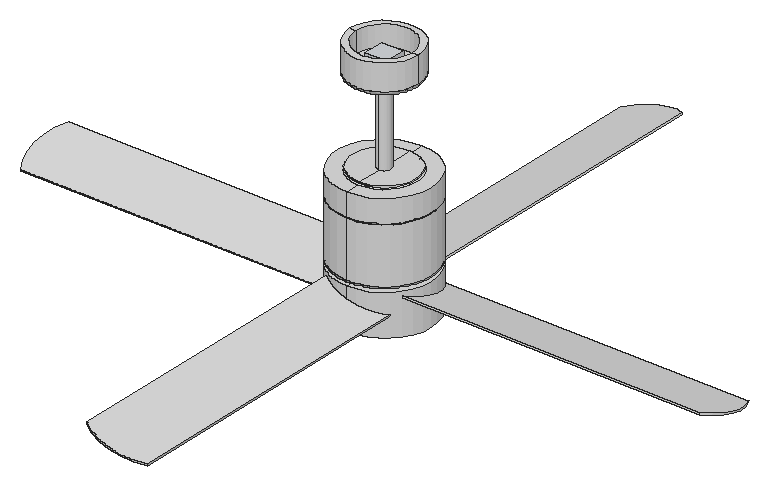
Revit family "3-101-xx - Oslo (Ceiling Fan)", category Lighting Fixtures, host Ceiling, Revit 2018
Family settings
  Host = Ceiling
  Round Connector Dimension = Use Diameter
  Part Type = Normal
  OmniClass Number = 23.80.70.11
  OmniClass Title = Luminaries for Internal Lighting
  Always vertical = Yes
  Cut with Voids When Loaded = No
  Light Source = Yes
  Shared = No
  Room Calculation Point = No
Parameters (values of type "3-101-06 - Oslo")
  Wattage Comments = ""
  URL = "www.oxygenlighting.com"
  Type Comments = "LED Lighting Fixture"  # constant formula
  Note [instance] = "4in - 6in - 12in - 18in or 24in Downrod"  # constant formula
  Model = "3-101-xx - Oslo"  # constant formula
  Metal Finish = Oxygen Lighting - Metal Finish - 06 - White
  Manufacturer = "Oxygen Lighting"  # constant formula
  Light Source Symbol Size = 24.00"
  Keynote = "LED array lamp"  # constant formula
  Input Voltage = "120 V 50/60 Hz"  # constant formula
  Wattage = 9.19258 W
  built-in parameter 1150110 = 1 (stored number, unit not read)
  built-in parameter 1114217 = 1 (stored number, unit not read)
  built-in parameter 1150109 = 1 (stored number, unit not read)
  built-in parameter 1150134 = (empty or 0)
  built-in parameter 1150113 = 1 (stored number, unit not read)
  Lumens = 1200 lm
  built-in parameter 1150115 = 1 (stored number, unit not read)
  built-in parameter 1150105 = 381.97 (stored number, unit not read)
  built-in parameter 1150137 = (empty or 0)
  built-in parameter 1150139 = (empty or 0)
  built-in parameter 1150112 = 1 (stored number, unit not read)
  built-in parameter 1150114 = 1 (stored number, unit not read)
  Lamp = "LED Array"  # constant formula
  built-in parameter 1150132 = 2
  built-in parameter 1150102 = (empty or 0)
  built-in parameter 1150138 = (empty or 0)
  built-in parameter 1150107 = 3000 (stored number, unit not read)
  built-in parameter 1150106 = 3.8197 (stored number, unit not read)
  Emit from Circle Diameter = 7.00"
  Emit Shape Visible in Rendering = no
  built-in parameter 1150104 = 12.128 (stored number, unit not read)
  Downrod Lenght [instance] = 6.00"
  Dimming Lamp Color Temperature Shift = <None>
  Diffuser = Oxygen Lighting - Diffuser - Matte White Acrylic
  Description = "--"
  Cost = 0
  Color Filter = 16777215
  built-in parameter 1114218 = 1 (stored number, unit not read)
  built-in parameter 1150133 = 10 (stored number, unit not read)
  Assembly Code = "--"
Types (8): name | Metal Finish | Wattage | Lumens | built-in parameter 1150105 | built-in parameter 1150106 | Diffuser
  3-101-20 - Oslo | Oxygen Lighting - Metal Finish - 20 - Polished Nickel | 9.19258 W | 1200 lm | 381.97 (stored number, unit not read) | 3.8197 (stored number, unit not read) | Oxygen Lighting - Diffuser - Matte White Acrylic
  3-101-22 - Oslo | Oxygen Lighting - Metal Finish - 22 - Oiled Bronze | 9.19258 W | 1200 lm | 381.97 (stored number, unit not read) | 3.8197 (stored number, unit not read) | Oxygen Lighting - Diffuser - Matte White Acrylic
  3-101-24 - Oslo | Oxygen Lighting - Metal Finish - 24 - Satin Nickel | 9.19258 W | 1200 lm | 381.97 (stored number, unit not read) | 3.8197 (stored number, unit not read) | Oxygen Lighting - Diffuser - Matte White Acrylic
  3-101-06 - Oslo | Oxygen Lighting - Metal Finish - 06 - White | 9.19258 W | 1200 lm | 381.97 (stored number, unit not read) | 3.8197 (stored number, unit not read) | Oxygen Lighting - Diffuser - Matte White Acrylic
  3-101-06 - Oslo (Without light kit) | Oxygen Lighting - Metal Finish - 06 - White | 0 W | 0 lm | (empty or 0) | (empty or 0) | Oxygen Lighting - Metal Finish - 06 - White
  3-101-20 - Oslo (Without light kit) | Oxygen Lighting - Metal Finish - 20 - Polished Nickel | 0 W | 0 lm | (empty or 0) | (empty or 0) | Oxygen Lighting - Metal Finish - 20 - Polished Nickel
  3-101-22 - Oslo (Without light kit) | Oxygen Lighting - Metal Finish - 22 - Oiled Bronze | 0 W | 0 lm | (empty or 0) | (empty or 0) | Oxygen Lighting - Metal Finish - 22 - Oiled Bronze
  3-101-24 - Oslo (Without light kit) | Oxygen Lighting - Metal Finish - 24 - Satin Nickel | 9.19258 W | 1200 lm | 381.97 (stored number, unit not read) | 3.8197 (stored number, unit not read) | Oxygen Lighting - Metal Finish - 24 - Satin Nickel
Reference planes (in)
  plane 1 "Light Source Axis (F/B)": y = 0
  plane 2 "Ceiling": z = 96
  plane 3 "Light Source Axis (L/R)": x = 0
  plane 4 "Light Source Elevation": z = 77.61811
  plane 5 "fan": through (-2.8051, -180, 80.38155) normal (0.2588, 0, 0.9659)
  plane 6: z = 93.61811
  plane 7: z = 87.61811
Forms (in)
  Revolve 1, solid, material "Oxygen Lighting - Metal Finish - 06 - White" <- "Metal Finish"
    sketch origin (0, 0, 46.61612) x (0, 1, 0) y (0, 0, 1)
      loop
        line (-2.44517, 40.83102) -> (-3.55118, 40.83102) -> (-3.55118, 39.12478) -> (-3.52514, 39.09874) -> (-3.55118, 39.0727) -> (-3.55118, 34.89599)
        arc (-3.55118, 34.89599) -> (-3.50794, 34.79159) -> (-3.40354, 34.74834) r 0.14764
        line (-3.40354, 34.74834) -> (-2.55118, 34.74834) -> (-2.55118, 34.6696) -> (-2.80118, 34.6696) -> (-2.80118, 34.51212) -> (-3.55118, 34.51212) -> (-3.55118, 31.44126) -> (0, 31.44126) -> (0, 41.00199) -> (-2.36643, 41.00199) -> (-2.36643, 40.90976) -> (-2.44517, 40.83102)
      axis (0, 31.44126) -> (0, 41.00199)
    angle from 0 to 360
  Revolve 2, solid, material "Oxygen Lighting - Diffuser - Matte White Acrylic" <- "Diffuser"
    sketch origin (0, 0, 46.61612) x (0, 1, 0) y (0, 0, 1)
      loop
        line (0, 31.44126) -> (-3, 31.44126) -> (-3, 31.38126)
        arc (-3, 31.38126) -> (-2.92678, 31.20448) -> (-2.75, 31.13126) r 0.25
        line (-2.75, 31.13126) -> (0, 31.13126) -> (0, 31.44126)
      axis (0, 31.44126) -> (0, 31.13126)
    angle from 0 to 360
  Extrusion 3, solid, material "Oxygen Lighting - Metal Finish - 06 - White" <- "Metal Finish"
    sketch origin (8.37999, 0.97521, 77.91537) x (-0.965926, 0, 0.258819) y (0, -1, 0)
      loop
        arc (10.80018, 3.60989) -> (11.24321, 14.95419) -> (10.8335, 26.29974) r 151.1473
        arc (10.8335, 26.29974) -> (8.4752, 27.02335) -> (6.12112, 26.28614) r 4.16557
        arc (6.12112, 26.28614) -> (5.73775, 14.83113) -> (6.16403, 3.37763) r 162.24685
        arc (6.16403, 3.37763) -> (6.25253, 3.25049) -> (6.40653, 3.26727) r 0.15177
        arc (6.40653, 3.26727) -> (8.45605, 4.01317) -> (10.574, 3.49242) r 3.75
        arc (10.574, 3.49242) -> (10.71976, 3.48825) -> (10.80018, 3.60989) r 0.15
    from 0 to 0.125
  Revolve 4, solid, material "Oxygen Lighting - Metal Finish - 06 - White" <- "Metal Finish"
    sketch origin (0, 0, 0) x (1, 0, 0) y (0, 0, 1)
      loop
        line (-2.10373, 96) -> (-2.55906, 96) -> (-2.55906, 94.04528)
        arc (-2.55906, 94.04528) -> (-2.48583, 93.8685) -> (-2.30906, 93.79528) r 0.25
        line (-2.30906, 93.79528) -> (-1.33858, 93.79528) -> (-1.33858, 93.61811) -> (-0.5, 93.61811) -> (-0.5, 93.50602) -> (0, 93.50602) -> (0, 94.44669) -> (-2.10373, 94.44669) -> (-2.10373, 96)
      axis (0, 96) -> (0, 93.50602)
    angle from 0 to 360
  Extrusion 5, solid, material "Oxygen Lighting - Metal Finish - 06 - White" <- "Metal Finish", not visible
    sketch origin (8.38661, 0.5, 81.52385) x (-0.965926, 0, 0.258819) y (0, -1, 0)
      loop
        arc (10.80018, 3.60989) -> (11.24321, 14.95419) -> (10.8335, 26.29974) r 151.1473
        arc (10.8335, 26.29974) -> (8.4752, 27.02335) -> (6.12112, 26.28614) r 4.16557
        arc (6.12112, 26.28614) -> (5.73775, 14.83113) -> (6.16403, 3.37763) r 162.24685
        arc (6.16403, 3.37763) -> (6.25253, 3.25049) -> (6.40653, 3.26727) r 0.15177
        arc (6.40653, 3.26727) -> (8.45605, 4.01317) -> (10.574, 3.49242) r 3.75
        arc (10.574, 3.49242) -> (10.71976, 3.48825) -> (10.80018, 3.60989) r 0.15
    from 0 to 0.125
  Revolve 6, solid, material "Oxygen Lighting - Metal Finish - 06 - White" <- "Metal Finish", not visible
    sketch origin (0, 0, 50.22459) x (0, 1, 0) y (0, 0, 1)
      loop
        line (-2.44517, 40.83102) -> (-3.55118, 40.83102) -> (-3.55118, 39.12478) -> (-3.52514, 39.09874) -> (-3.55118, 39.0727) -> (-3.55118, 34.89599)
        arc (-3.55118, 34.89599) -> (-3.50794, 34.79159) -> (-3.40354, 34.74834) r 0.14764
        line (-3.40354, 34.74834) -> (-2.55118, 34.74834) -> (-2.55118, 34.6696) -> (-2.80118, 34.6696) -> (-2.80118, 34.51212) -> (-3.55118, 34.51212) -> (-3.55118, 31.44126) -> (0, 31.44126) -> (0, 41.00199) -> (-2.36643, 41.00199) -> (-2.36643, 40.90976) -> (-2.44517, 40.83102)
      axis (0, 31.44126) -> (0, 41.00199)
    angle from 0 to 360
  Revolve 7, solid, material "Oxygen Lighting - Diffuser - Matte White Acrylic" <- "Diffuser", not visible
    sketch origin (0, 0, 50.22459) x (0, 1, 0) y (0, 0, 1)
      loop
        line (0, 31.44126) -> (-3, 31.44126) -> (-3, 31.38126)
        arc (-3, 31.38126) -> (-2.92678, 31.20448) -> (-2.75, 31.13126) r 0.25
        line (-2.75, 31.13126) -> (0, 31.13126) -> (0, 31.44126)
      axis (0, 31.44126) -> (0, 31.13126)
    angle from 0 to 360
  Extrusion 8, solid, material "Oxygen Lighting - Metal Finish - 06 - White" <- "Metal Finish", not visible
    sketch origin (8.38661, 0.5, 81.52385) x (-0.965926, 0, 0.258819) y (0, -1, 0)
      loop
        arc (10.80018, 3.60989) -> (11.24321, 14.95419) -> (10.8335, 26.29974) r 151.1473
        arc (10.8335, 26.29974) -> (8.4752, 27.02335) -> (6.12112, 26.28614) r 4.16557
        arc (6.12112, 26.28614) -> (5.73775, 14.83113) -> (6.16403, 3.37763) r 162.24685
        arc (6.16403, 3.37763) -> (6.25253, 3.25049) -> (6.40653, 3.26727) r 0.15177
        arc (6.40653, 3.26727) -> (8.45605, 4.01317) -> (10.574, 3.49242) r 3.75
        arc (10.574, 3.49242) -> (10.71976, 3.48825) -> (10.80018, 3.60989) r 0.15
    from 0 to 0.125
  Extrusion 9, solid, material "Oxygen Lighting - Metal Finish - 06 - White" <- "Metal Finish", not visible
    sketch origin (-4.62632, 7.01302, 81.52385) x (0.482963, -0.836516, 0.258819) y (0.866025, 0.5, 0)
      loop
        arc (10.80018, 3.60989) -> (11.24321, 14.95419) -> (10.8335, 26.29974) r 151.1473
        arc (10.8335, 26.29974) -> (8.4752, 27.02335) -> (6.12112, 26.28614) r 4.16557
        arc (6.12112, 26.28614) -> (5.73775, 14.83113) -> (6.16403, 3.37763) r 162.24685
        arc (6.16403, 3.37763) -> (6.25253, 3.25049) -> (6.40653, 3.26727) r 0.15177
        arc (6.40653, 3.26727) -> (8.45605, 4.01317) -> (10.574, 3.49242) r 3.75
        arc (10.574, 3.49242) -> (10.71976, 3.48825) -> (10.80018, 3.60989) r 0.15
    from 0 to 0.125
  Extrusion 10, solid, material "Oxygen Lighting - Metal Finish - 06 - White" <- "Metal Finish", not visible
    sketch origin (-3.76029, -7.51302, 81.52385) x (0.482963, 0.836516, 0.258819) y (-0.866025, 0.5, 0)
      loop
        arc (10.80018, 3.60989) -> (11.24321, 14.95419) -> (10.8335, 26.29974) r 151.1473
        arc (10.8335, 26.29974) -> (8.4752, 27.02335) -> (6.12112, 26.28614) r 4.16557
        arc (6.12112, 26.28614) -> (5.73775, 14.83113) -> (6.16403, 3.37763) r 162.24685
        arc (6.16403, 3.37763) -> (6.25253, 3.25049) -> (6.40653, 3.26727) r 0.15177
        arc (6.40653, 3.26727) -> (8.45605, 4.01317) -> (10.574, 3.49242) r 3.75
        arc (10.574, 3.49242) -> (10.71976, 3.48825) -> (10.80018, 3.60989) r 0.15
    from 0 to 0.125
  Revolve 11, solid, not visible
    sketch origin (0, 0, 0) x (1, 0, 0) y (0, 0, 1)
      loop
        line (0, 96) -> (-2.55906, 96) -> (-2.55906, 94.04528)
        arc (-2.55906, 94.04528) -> (-2.48583, 93.8685) -> (-2.30906, 93.79528) r 0.25
        line (-2.30906, 93.79528) -> (-1.33858, 93.79528) -> (-1.33858, 93.61811) -> (-0.5, 93.61811) -> (-0.5, 91.22658) -> (0, 91.22658) -> (0, 96)
      axis (0, 96) -> (0, 91.22658)
    angle from 0 to 360
  Extrusion 12, solid, material "Oxygen Lighting - Metal Finish - 06 - White" <- "Metal Finish"
    sketch origin (-0.97521, 8.37999, 77.91537) x (0, -0.965926, 0.258819) y (1, 0, 0)
      loop
        arc (10.80018, 3.60989) -> (11.24321, 14.95419) -> (10.8335, 26.29974) r 151.1473
        arc (10.8335, 26.29974) -> (8.4752, 27.02335) -> (6.12112, 26.28614) r 4.16557
        arc (6.12112, 26.28614) -> (5.73775, 14.83113) -> (6.16403, 3.37763) r 162.24685
        arc (6.16403, 3.37763) -> (6.25253, 3.25049) -> (6.40653, 3.26727) r 0.15177
        arc (6.40653, 3.26727) -> (8.45605, 4.01317) -> (10.574, 3.49242) r 3.75
        arc (10.574, 3.49242) -> (10.71976, 3.48825) -> (10.80018, 3.60989) r 0.15
    from 0 to 0.125
  Extrusion 13, solid, material "Oxygen Lighting - Metal Finish - 06 - White" <- "Metal Finish"
    sketch origin (-8.37999, -0.97521, 77.91537) x (0.965926, 0, 0.258819) y (0, 1, 0)
      loop
        arc (10.80018, 3.60989) -> (11.24321, 14.95419) -> (10.8335, 26.29974) r 151.1473
        arc (10.8335, 26.29974) -> (8.4752, 27.02335) -> (6.12112, 26.28614) r 4.16557
        arc (6.12112, 26.28614) -> (5.73775, 14.83113) -> (6.16403, 3.37763) r 162.24685
        arc (6.16403, 3.37763) -> (6.25253, 3.25049) -> (6.40653, 3.26727) r 0.15177
        arc (6.40653, 3.26727) -> (8.45605, 4.01317) -> (10.574, 3.49242) r 3.75
        arc (10.574, 3.49242) -> (10.71976, 3.48825) -> (10.80018, 3.60989) r 0.15
    from 0 to 0.125
  Extrusion 14, solid, material "Oxygen Lighting - Metal Finish - 06 - White" <- "Metal Finish"
    sketch origin (0.97521, -8.37999, 77.91537) x (0, 0.965926, 0.258819) y (-1, 0, 0)
      loop
        arc (10.80018, 3.60989) -> (11.24321, 14.95419) -> (10.8335, 26.29974) r 151.1473
        arc (10.8335, 26.29974) -> (8.4752, 27.02335) -> (6.12112, 26.28614) r 4.16557
        arc (6.12112, 26.28614) -> (5.73775, 14.83113) -> (6.16403, 3.37763) r 162.24685
        arc (6.16403, 3.37763) -> (6.25253, 3.25049) -> (6.40653, 3.26727) r 0.15177
        arc (6.40653, 3.26727) -> (8.45605, 4.01317) -> (10.574, 3.49242) r 3.75
        arc (10.574, 3.49242) -> (10.71976, 3.48825) -> (10.80018, 3.60989) r 0.15
    from 0 to 0.125
  Revolve 15, solid, material "Oxygen Lighting - Metal Finish - 06 - White" <- "Metal Finish", not visible
    sketch origin (0, 0, 50.22459) x (0, 1, 0) y (0, 0, 1)
      loop
        line (-2.44517, 40.83102) -> (-3.55118, 40.83102) -> (-3.55118, 39.12478) -> (-3.52514, 39.09874) -> (-3.55118, 39.0727) -> (-3.55118, 34.89599)
        arc (-3.55118, 34.89599) -> (-3.50794, 34.79159) -> (-3.40354, 34.74834) r 0.14764
        line (-3.40354, 34.74834) -> (-2.55118, 34.74834) -> (-2.55118, 34.6696) -> (-2.80118, 34.6696) -> (-2.80118, 34.51212) -> (-3.55118, 34.51212) -> (-3.55118, 31.44126) -> (0, 31.44126) -> (0, 41.00199) -> (-2.36643, 41.00199) -> (-2.36643, 40.90976) -> (-2.44517, 40.83102)
      axis (0, 31.44126) -> (0, 41.00199)
    angle from 0 to 360
  Revolve 16, solid, material "Oxygen Lighting - Diffuser - Matte White Acrylic" <- "Diffuser", not visible
    sketch origin (0, 0, 50.22459) x (0, 1, 0) y (0, 0, 1)
      loop
        line (0, 31.44126) -> (-3, 31.44126) -> (-3, 31.38126)
        arc (-3, 31.38126) -> (-2.92678, 31.20448) -> (-2.75, 31.13126) r 0.25
        line (-2.75, 31.13126) -> (0, 31.13126) -> (0, 31.44126)
      axis (0, 31.44126) -> (0, 31.13126)
    angle from 0 to 360
  Extrusion 17, solid, material "Oxygen Lighting - Metal Finish - 06 - White" <- "Metal Finish", not visible
    sketch origin (8.38661, 0.5, 81.52385) x (-0.965926, 0, 0.258819) y (0, -1, 0)
      loop
        arc (10.80018, 3.60989) -> (11.24321, 14.95419) -> (10.8335, 26.29974) r 151.1473
        arc (10.8335, 26.29974) -> (8.4752, 27.02335) -> (6.12112, 26.28614) r 4.16557
        arc (6.12112, 26.28614) -> (5.73775, 14.83113) -> (6.16403, 3.37763) r 162.24685
        arc (6.16403, 3.37763) -> (6.25253, 3.25049) -> (6.40653, 3.26727) r 0.15177
        arc (6.40653, 3.26727) -> (8.45605, 4.01317) -> (10.574, 3.49242) r 3.75
        arc (10.574, 3.49242) -> (10.71976, 3.48825) -> (10.80018, 3.60989) r 0.15
    from 0 to 0.125
  Extrusion 18, solid, material "Oxygen Lighting - Metal Finish - 06 - White" <- "Metal Finish", not visible
    sketch origin (-0.5, 8.38661, 81.52385) x (0, -0.965926, 0.258819) y (1, 0, 0)
      loop
        arc (10.80018, 3.60989) -> (11.24321, 14.95419) -> (10.8335, 26.29974) r 151.1473
        arc (10.8335, 26.29974) -> (8.4752, 27.02335) -> (6.12112, 26.28614) r 4.16557
        arc (6.12112, 26.28614) -> (5.73775, 14.83113) -> (6.16403, 3.37763) r 162.24685
        arc (6.16403, 3.37763) -> (6.25253, 3.25049) -> (6.40653, 3.26727) r 0.15177
        arc (6.40653, 3.26727) -> (8.45605, 4.01317) -> (10.574, 3.49242) r 3.75
        arc (10.574, 3.49242) -> (10.71976, 3.48825) -> (10.80018, 3.60989) r 0.15
    from 0 to 0.125
  Extrusion 19, solid, material "Oxygen Lighting - Metal Finish - 06 - White" <- "Metal Finish", not visible
    sketch origin (-8.38661, -0.5, 81.52385) x (0.965926, 0, 0.258819) y (0, 1, 0)
      loop
        arc (10.80018, 3.60989) -> (11.24321, 14.95419) -> (10.8335, 26.29974) r 151.1473
        arc (10.8335, 26.29974) -> (8.4752, 27.02335) -> (6.12112, 26.28614) r 4.16557
        arc (6.12112, 26.28614) -> (5.73775, 14.83113) -> (6.16403, 3.37763) r 162.24685
        arc (6.16403, 3.37763) -> (6.25253, 3.25049) -> (6.40653, 3.26727) r 0.15177
        arc (6.40653, 3.26727) -> (8.45605, 4.01317) -> (10.574, 3.49242) r 3.75
        arc (10.574, 3.49242) -> (10.71976, 3.48825) -> (10.80018, 3.60989) r 0.15
    from 0 to 0.125
  Extrusion 20, solid, material "Oxygen Lighting - Metal Finish - 06 - White" <- "Metal Finish", not visible
    sketch origin (0.5, -8.38661, 81.52385) x (0, 0.965926, 0.258819) y (-1, 0, 0)
      loop
        arc (10.80018, 3.60989) -> (11.24321, 14.95419) -> (10.8335, 26.29974) r 151.1473
        arc (10.8335, 26.29974) -> (8.4752, 27.02335) -> (6.12112, 26.28614) r 4.16557
        arc (6.12112, 26.28614) -> (5.73775, 14.83113) -> (6.16403, 3.37763) r 162.24685
        arc (6.16403, 3.37763) -> (6.25253, 3.25049) -> (6.40653, 3.26727) r 0.15177
        arc (6.40653, 3.26727) -> (8.45605, 4.01317) -> (10.574, 3.49242) r 3.75
        arc (10.574, 3.49242) -> (10.71976, 3.48825) -> (10.80018, 3.60989) r 0.15
    from 0 to 0.125
  Revolve 21, solid, material "Oxygen Lighting - Metal Finish - 06 - White" <- "Metal Finish", not visible
    sketch origin (0, 0, 50.22459) x (0, 1, 0) y (0, 0, 1)
      loop
        line (-2.44517, 40.83102) -> (-3.55118, 40.83102) -> (-3.55118, 39.12478) -> (-3.52514, 39.09874) -> (-3.55118, 39.0727) -> (-3.55118, 34.89599)
        arc (-3.55118, 34.89599) -> (-3.50794, 34.79159) -> (-3.40354, 34.74834) r 0.14764
        line (-3.40354, 34.74834) -> (-2.55118, 34.74834) -> (-2.55118, 34.6696) -> (-2.80118, 34.6696) -> (-2.80118, 34.51212) -> (-3.55118, 34.51212) -> (-3.55118, 31.44126) -> (0, 31.44126) -> (0, 41.00199) -> (-2.36643, 41.00199) -> (-2.36643, 40.90976) -> (-2.44517, 40.83102)
      axis (0, 31.44126) -> (0, 41.00199)
    angle from 0 to 360
  Revolve 22, solid, material "Oxygen Lighting - Diffuser - Matte White Acrylic" <- "Diffuser", not visible
    sketch origin (0, 0, 50.22459) x (0, 1, 0) y (0, 0, 1)
      loop
        line (0, 31.44126) -> (-3, 31.44126) -> (-3, 31.38126)
        arc (-3, 31.38126) -> (-2.92678, 31.20448) -> (-2.75, 31.13126) r 0.25
        line (-2.75, 31.13126) -> (0, 31.13126) -> (0, 31.44126)
      axis (0, 31.44126) -> (0, 31.13126)
    angle from 0 to 360
  Revolve 23, solid, material "Oxygen Lighting - Metal Finish - 06 - White" <- "Metal Finish", not visible
    sketch origin (0, 0, 50.22459) x (0, 1, 0) y (0, 0, 1)
      loop
        line (-2.44517, 40.83102) -> (-3.55118, 40.83102) -> (-3.55118, 39.12478) -> (-3.52514, 39.09874) -> (-3.55118, 39.0727) -> (-3.55118, 34.89599)
        arc (-3.55118, 34.89599) -> (-3.50794, 34.79159) -> (-3.40354, 34.74834) r 0.14764
        line (-3.40354, 34.74834) -> (-2.55118, 34.74834) -> (-2.55118, 34.6696) -> (-2.80118, 34.6696) -> (-2.80118, 34.51212) -> (-3.55118, 34.51212) -> (-3.55118, 31.44126) -> (0, 31.44126) -> (0, 41.00199) -> (-2.36643, 41.00199) -> (-2.36643, 40.90976) -> (-2.44517, 40.83102)
      axis (0, 31.44126) -> (0, 41.00199)
    angle from 0 to 360
  Revolve 24, solid, material "Oxygen Lighting - Diffuser - Matte White Acrylic" <- "Diffuser", not visible
    sketch origin (0, 0, 50.22459) x (0, 1, 0) y (0, 0, 1)
      loop
        line (0, 31.44126) -> (-3, 31.44126) -> (-3, 31.38126)
        arc (-3, 31.38126) -> (-2.92678, 31.20448) -> (-2.75, 31.13126) r 0.25
        line (-2.75, 31.13126) -> (0, 31.13126) -> (0, 31.44126)
      axis (0, 31.44126) -> (0, 31.13126)
    angle from 0 to 360
  Extrusion 25, solid, material "Oxygen Lighting - Metal Finish - 06 - White" <- "Metal Finish", not visible
    sketch origin (8.37999, 0.97521, 81.52385) x (-0.965926, 0, 0.258819) y (0, -1, 0)
      loop
        arc (10.80018, 3.60989) -> (11.24321, 14.95419) -> (10.8335, 26.29974) r 151.1473
        arc (10.8335, 26.29974) -> (8.4752, 27.02335) -> (6.12112, 26.28614) r 4.16557
        arc (6.12112, 26.28614) -> (5.73775, 14.83113) -> (6.16403, 3.37763) r 162.24685
        arc (6.16403, 3.37763) -> (6.25253, 3.25049) -> (6.40653, 3.26727) r 0.15177
        arc (6.40653, 3.26727) -> (8.45605, 4.01317) -> (10.574, 3.49242) r 3.75
        arc (10.574, 3.49242) -> (10.71976, 3.48825) -> (10.80018, 3.60989) r 0.15
    from 0 to 0.125
  Extrusion 26, solid, material "Oxygen Lighting - Metal Finish - 06 - White" <- "Metal Finish", not visible
    sketch origin (-0.97521, 8.37999, 81.52385) x (0, -0.965926, 0.258819) y (1, 0, 0)
      loop
        arc (10.80018, 3.60989) -> (11.24321, 14.95419) -> (10.8335, 26.29974) r 151.1473
        arc (10.8335, 26.29974) -> (8.4752, 27.02335) -> (6.12112, 26.28614) r 4.16557
        arc (6.12112, 26.28614) -> (5.73775, 14.83113) -> (6.16403, 3.37763) r 162.24685
        arc (6.16403, 3.37763) -> (6.25253, 3.25049) -> (6.40653, 3.26727) r 0.15177
        arc (6.40653, 3.26727) -> (8.45605, 4.01317) -> (10.574, 3.49242) r 3.75
        arc (10.574, 3.49242) -> (10.71976, 3.48825) -> (10.80018, 3.60989) r 0.15
    from 0 to 0.125
  Extrusion 27, solid, material "Oxygen Lighting - Metal Finish - 06 - White" <- "Metal Finish", not visible
    sketch origin (-8.37999, -0.97521, 81.52385) x (0.965926, 0, 0.258819) y (0, 1, 0)
      loop
        arc (10.80018, 3.60989) -> (11.24321, 14.95419) -> (10.8335, 26.29974) r 151.1473
        arc (10.8335, 26.29974) -> (8.4752, 27.02335) -> (6.12112, 26.28614) r 4.16557
        arc (6.12112, 26.28614) -> (5.73775, 14.83113) -> (6.16403, 3.37763) r 162.24685
        arc (6.16403, 3.37763) -> (6.25253, 3.25049) -> (6.40653, 3.26727) r 0.15177
        arc (6.40653, 3.26727) -> (8.45605, 4.01317) -> (10.574, 3.49242) r 3.75
        arc (10.574, 3.49242) -> (10.71976, 3.48825) -> (10.80018, 3.60989) r 0.15
    from 0 to 0.125
  Extrusion 28, solid, material "Oxygen Lighting - Metal Finish - 06 - White" <- "Metal Finish", not visible
    sketch origin (0.97521, -8.37999, 81.52385) x (0, 0.965926, 0.258819) y (-1, 0, 0)
      loop
        arc (10.80018, 3.60989) -> (11.24321, 14.95419) -> (10.8335, 26.29974) r 151.1473
        arc (10.8335, 26.29974) -> (8.4752, 27.02335) -> (6.12112, 26.28614) r 4.16557
        arc (6.12112, 26.28614) -> (5.73775, 14.83113) -> (6.16403, 3.37763) r 162.24685
        arc (6.16403, 3.37763) -> (6.25253, 3.25049) -> (6.40653, 3.26727) r 0.15177
        arc (6.40653, 3.26727) -> (8.45605, 4.01317) -> (10.574, 3.49242) r 3.75
        arc (10.574, 3.49242) -> (10.71976, 3.48825) -> (10.80018, 3.60989) r 0.15
    from 0 to 0.125
  Revolve 29, solid, material "Oxygen Lighting - Metal Finish - 06 - White" <- "Metal Finish"
    sketch origin (0, 0, 0) x (0, 1, 0) y (0, 0, 1)
      loop
        line (0, 93.61811) -> (-0.48019, 93.61811) -> (-0.48019, 87.61811) -> (0, 87.61811) -> (0, 93.61811)
      axis (0, 93.61811) -> (0, 87.61811)
    angle from 0 to 360
  Extrusion 30, solid
    sketch origin (0, 0, 96) x (1, 0, 0) y (0, 1, 0)
      loop
        line (-0.8151, -0.76568) -> (0.82845, -0.76568) -> (0.82845, 0.75) -> (-0.8151, 0.75) -> (-0.8151, -0.76568)
    from -0.68707 to -1.29091
Dimensions and locks (in)
  equal spacing: host sketch curve, plane 3 "Light Source Axis (L/R)", host sketch curve
  equal spacing: host sketch curve, plane 1 "Light Source Axis (F/B)", host sketch curve
  host sketch curve to host sketch curve = 120.00"  (x2)
  locked: Revolve 1 sketch curve to Revolve 1 sketch curve at 0.17097
  locked: Revolve 2 to Revolve 1 sketch curve at 9.56073
  locked: Revolve 1 sketch curve to Revolve 1 sketch curve at 3.55118  (x2)
  locked: Revolve 1 sketch curve to Revolve 1 sketch curve at 2.36643
  locked: Revolve 1 sketch curve to Revolve 1 sketch curve at 6.08268
  locked: Revolve 1 sketch curve to Revolve 1 sketch curve at 1
  locked: Revolve 1 sketch curve to Revolve 1 sketch curve at 0.07874
  locked: Revolve 1 sketch curve to Revolve 1 sketch curve at 0.25
  locked: Revolve 1 sketch curve to Revolve 1 sketch curve at 3.07087
  locked: Revolve 2 sketch curve to Revolve 2 sketch curve at 0.31
  locked: Revolve 2 sketch curve to Revolve 2 sketch curve at 3
  locked: Revolve 6 sketch curve to Revolve 6 sketch curve at 0.17097
  locked: Revolve 7 to Revolve 6 sketch curve at 9.56073
  locked: Revolve 6 sketch curve to Revolve 6 sketch curve at 3.55118  (x2)
  locked: Revolve 6 sketch curve to Revolve 6 sketch curve at 2.36643
  locked: Revolve 6 sketch curve to Revolve 6 sketch curve at 6.08268
  locked: Revolve 6 sketch curve to Revolve 6 sketch curve at 1
  locked: Revolve 6 sketch curve to Revolve 6 sketch curve at 0.07874
  locked: Revolve 6 sketch curve to Revolve 6 sketch curve at 0.25
  locked: Revolve 6 sketch curve to Revolve 6 sketch curve at 3.07087
  locked: Revolve 7 sketch curve to Revolve 7 sketch curve at 0.31
  locked: Revolve 7 sketch curve to Revolve 7 sketch curve at 3
  locked: Revolve 15 sketch curve to Revolve 15 sketch curve at 0.17097
  locked: Revolve 16 to Revolve 15 sketch curve at 9.56073
  locked: Revolve 15 sketch curve to Revolve 15 sketch curve at 3.55118  (x2)
  locked: Revolve 15 sketch curve to Revolve 15 sketch curve at 2.36643
  locked: Revolve 15 sketch curve to Revolve 15 sketch curve at 6.08268
  locked: Revolve 15 sketch curve to Revolve 15 sketch curve at 1
  locked: Revolve 15 sketch curve to Revolve 15 sketch curve at 0.07874
  locked: Revolve 15 sketch curve to Revolve 15 sketch curve at 0.25
  locked: Revolve 15 sketch curve to Revolve 15 sketch curve at 3.07087
  locked: Revolve 16 sketch curve to Revolve 16 sketch curve at 0.31
  locked: Revolve 16 sketch curve to Revolve 16 sketch curve at 3
  locked: Revolve 21 sketch curve to Revolve 21 sketch curve at 0.17097
  locked: Revolve 22 to Revolve 21 sketch curve at 9.56073
  locked: Revolve 21 sketch curve to Revolve 21 sketch curve at 3.55118  (x2)
  locked: Revolve 21 sketch curve to Revolve 21 sketch curve at 2.36643
  locked: Revolve 21 sketch curve to Revolve 21 sketch curve at 6.08268
  locked: Revolve 21 sketch curve to Revolve 21 sketch curve at 1
  locked: Revolve 21 sketch curve to Revolve 21 sketch curve at 0.07874
  locked: Revolve 21 sketch curve to Revolve 21 sketch curve at 0.25
  locked: Revolve 21 sketch curve to Revolve 21 sketch curve at 3.07087
  locked: Revolve 22 sketch curve to Revolve 22 sketch curve at 0.31
  locked: Revolve 22 sketch curve to Revolve 22 sketch curve at 3
  locked: Revolve 23 sketch curve to Revolve 23 sketch curve at 0.17097
  locked: Revolve 24 to Revolve 23 sketch curve at 9.56073
  locked: Revolve 23 sketch curve to Revolve 23 sketch curve at 3.55118  (x2)
  locked: Revolve 23 sketch curve to Revolve 23 sketch curve at 2.36643
  locked: Revolve 23 sketch curve to Revolve 23 sketch curve at 6.08268
  locked: Revolve 23 sketch curve to Revolve 23 sketch curve at 1
  locked: Revolve 23 sketch curve to Revolve 23 sketch curve at 0.07874
  locked: Revolve 23 sketch curve to Revolve 23 sketch curve at 0.25
  locked: Revolve 23 sketch curve to Revolve 23 sketch curve at 3.07087
  locked: Revolve 24 sketch curve to Revolve 24 sketch curve at 0.31
  locked: Revolve 24 sketch curve to Revolve 24 sketch curve at 3
  Revolve 29 sketch curve to Revolve 29 sketch curve = 0.48019"
  locked: plane 7 to plane 4 "Light Source Elevation" at 10
  "Downrod Lenght": plane 6 to plane 7
  equal spacing: Revolve 4 sketch curve, Revolve 4 sketch curve, Revolve 4 sketch curve, Revolve 4 sketch curve
  locked: plane 2 "Ceiling" to plane 6 at 2.38189
  plane 6 to Extrusion 30 to Extrusion 30 = 1.09098" locked, 0.60383" locked
  aligned and locked: plane 3 "Light Source Axis (L/R)" to imposter light
  aligned and locked: plane 1 "Light Source Axis (F/B)" to imposter light
  aligned and locked: plane 4 "Light Source Elevation" to imposter light
  aligned and locked: Revolve 1 to Revolve 1
  aligned and locked: Revolve 6 to Revolve 11 sketch curve
  aligned and locked: plane 1 "Light Source Axis (F/B)" to Revolve 29 sketch curve
  aligned and locked: plane 6 to Revolve 4
  aligned and locked: plane 7 to Revolve 1
  aligned and locked: plane 7 to Revolve 29 sketch curve
  aligned and locked: Revolve 29 sketch curve to plane 6
Automatic sketch dimensions
  Revolve 1 sketch curve to Revolve 1 sketch curve = 0.07874"  (x2)
  Revolve 1 sketch curve to Revolve 1 sketch curve = 0.14764"
  Revolve 1 sketch curve to Revolve 1 sketch curve = 0.02604"  (x3)
  Revolve 1 sketch curve to Revolve 1 sketch curve = 0.15748"  (x2)
  Revolve 1 sketch curve to Revolve 1 sketch curve = 1.70625"
  Revolve 1 sketch curve to Revolve 1 sketch curve = 0.31496"
  Extrusion 3 sketch curve to Extrusion 3 sketch curve = 2.17182"
  Extrusion 3 sketch curve to Extrusion 3 sketch curve = 1.99227"
  Extrusion 3 sketch curve to Extrusion 3 sketch curve = 157.33369"
  Extrusion 3 sketch curve to Extrusion 3 sketch curve = 19.23643"
  Extrusion 3 sketch curve to Extrusion 3 sketch curve = 2.3661"
  Extrusion 3 sketch curve to Extrusion 3 sketch curve = 0.15137"
  Extrusion 3 sketch curve to Extrusion 3 sketch curve = 0.00"  (x4)
  Extrusion 3 sketch curve to Extrusion 3 sketch curve = 146.21932"
  Extrusion 3 sketch curve to Extrusion 3 sketch curve = 2.34295"
  Extrusion 3 sketch curve to Extrusion 3 sketch curve = 3.12"
  Extrusion 3 sketch curve to Extrusion 3 sketch curve = 3.35274"
  Extrusion 3 sketch curve to Extrusion 3 sketch curve = 11.51361"
  Extrusion 3 sketch curve to Extrusion 3 sketch curve = 11.11003"
  Revolve 1 sketch curve to Revolve 1 sketch curve = 0.00"
  Extrusion 5 sketch curve to Extrusion 5 sketch curve = 2.17182"
  Extrusion 5 sketch curve to Extrusion 5 sketch curve = 1.99227"
  Extrusion 5 sketch curve to Extrusion 5 sketch curve = 157.33369"
  Extrusion 5 sketch curve to Extrusion 5 sketch curve = 19.23643"
  Extrusion 5 sketch curve to Extrusion 5 sketch curve = 2.3661"
  Extrusion 5 sketch curve to Extrusion 5 sketch curve = 0.15137"
  Extrusion 5 sketch curve to Extrusion 5 sketch curve = 0.00"  (x4)
  Extrusion 5 sketch curve to Extrusion 5 sketch curve = 146.21932"
  Extrusion 5 sketch curve to Extrusion 5 sketch curve = 2.34295"
  Extrusion 5 sketch curve to Extrusion 5 sketch curve = 3.12"
  Extrusion 5 sketch curve to Extrusion 5 sketch curve = 3.35274"
  Extrusion 5 sketch curve to Extrusion 5 sketch curve = 11.51361"
  Extrusion 5 sketch curve to Extrusion 5 sketch curve = 11.11003"
  Revolve 6 sketch curve to Revolve 6 sketch curve = 0.07874"  (x2)
  Revolve 6 sketch curve to Revolve 6 sketch curve = 0.14764"
  Revolve 6 sketch curve to Revolve 6 sketch curve = 0.02604"  (x3)
  Revolve 6 sketch curve to Revolve 6 sketch curve = 0.15748"  (x2)
  Revolve 6 sketch curve to Revolve 6 sketch curve = 1.70625"
  Revolve 6 sketch curve to Revolve 6 sketch curve = 0.31496"
  Revolve 7 sketch curve to Revolve 7 sketch curve = 0.00"  (x2)
  Revolve 7 sketch curve to Revolve 7 sketch curve = 0.06"
  Revolve 7 sketch curve to Revolve 7 sketch curve = 0.83804"
  Revolve 7 sketch curve to Revolve 7 sketch curve = 0.10319"
  Extrusion 8 sketch curve to Extrusion 8 sketch curve = 2.17182"
  Extrusion 8 sketch curve to Extrusion 8 sketch curve = 1.99227"
  Extrusion 8 sketch curve to Extrusion 8 sketch curve = 157.33369"
  Extrusion 8 sketch curve to Extrusion 8 sketch curve = 19.23643"
  Extrusion 8 sketch curve to Extrusion 8 sketch curve = 2.3661"
  Extrusion 8 sketch curve to Extrusion 8 sketch curve = 0.15137"
  Extrusion 8 sketch curve to Extrusion 8 sketch curve = 0.00"  (x4)
  Extrusion 8 sketch curve to Extrusion 8 sketch curve = 146.21932"
  Extrusion 8 sketch curve to Extrusion 8 sketch curve = 2.34295"
  Extrusion 8 sketch curve to Extrusion 8 sketch curve = 3.12"
  Extrusion 8 sketch curve to Extrusion 8 sketch curve = 3.35274"
  Extrusion 8 sketch curve to Extrusion 8 sketch curve = 11.51361"
  Extrusion 8 sketch curve to Extrusion 8 sketch curve = 11.11003"
  Extrusion 9 sketch curve to Extrusion 9 sketch curve = 2.17182"
  Extrusion 9 sketch curve to Extrusion 9 sketch curve = 1.99227"
  Extrusion 9 sketch curve to Extrusion 9 sketch curve = 157.33369"
  Extrusion 9 sketch curve to Extrusion 9 sketch curve = 19.23643"
  Extrusion 9 sketch curve to Extrusion 9 sketch curve = 2.3661"
  Extrusion 9 sketch curve to Extrusion 9 sketch curve = 0.15137"
  Extrusion 9 sketch curve to Extrusion 9 sketch curve = 0.00"  (x4)
  Extrusion 9 sketch curve to Extrusion 9 sketch curve = 146.21932"
  Extrusion 9 sketch curve to Extrusion 9 sketch curve = 2.34295"
  Extrusion 9 sketch curve to Extrusion 9 sketch curve = 3.12"
  Extrusion 9 sketch curve to Extrusion 9 sketch curve = 3.35274"
  Extrusion 9 sketch curve to Extrusion 9 sketch curve = 11.51361"
  Extrusion 9 sketch curve to Extrusion 9 sketch curve = 11.11003"
  Extrusion 10 sketch curve to Extrusion 10 sketch curve = 2.17182"
  Extrusion 10 sketch curve to Extrusion 10 sketch curve = 1.99227"
  Extrusion 10 sketch curve to Extrusion 10 sketch curve = 157.33369"
  Extrusion 10 sketch curve to Extrusion 10 sketch curve = 19.23643"
  Extrusion 10 sketch curve to Extrusion 10 sketch curve = 2.3661"
  Extrusion 10 sketch curve to Extrusion 10 sketch curve = 0.15137"
  Extrusion 10 sketch curve to Extrusion 10 sketch curve = 0.00"  (x4)
  Extrusion 10 sketch curve to Extrusion 10 sketch curve = 146.21932"
  Extrusion 10 sketch curve to Extrusion 10 sketch curve = 2.34295"
  Extrusion 10 sketch curve to Extrusion 10 sketch curve = 3.12"
  Extrusion 10 sketch curve to Extrusion 10 sketch curve = 3.35274"
  Extrusion 10 sketch curve to Extrusion 10 sketch curve = 11.51361"
  Extrusion 10 sketch curve to Extrusion 10 sketch curve = 11.11003"
  Revolve 11 sketch curve to Revolve 11 sketch curve = 0.25"  (x2)
  Revolve 11 sketch curve to Revolve 11 sketch curve = 0.75"
  Revolve 6 sketch curve to Revolve 6 sketch curve = 0.00"
  Revolve 11 sketch curve to Revolve 11 sketch curve = 0.97047"
  Revolve 11 sketch curve to Revolve 11 sketch curve = 0.83858"
  Revolve 11 sketch curve to Revolve 11 sketch curve = 0.50"
  Revolve 11 sketch curve to Revolve 11 sketch curve = 2.39153"
  Revolve 11 sketch curve to Revolve 11 sketch curve = 0.17717"
  Revolve 11 sketch curve to Revolve 11 sketch curve = 1.95472"
  Revolve 11 sketch curve to Revolve 11 sketch curve = 0.00"
  Extrusion 12 sketch curve to Extrusion 12 sketch curve = 2.17182"
  Extrusion 12 sketch curve to Extrusion 12 sketch curve = 1.99227"
  Extrusion 12 sketch curve to Extrusion 12 sketch curve = 157.33369"
  Extrusion 12 sketch curve to Extrusion 12 sketch curve = 19.23643"
  Extrusion 12 sketch curve to Extrusion 12 sketch curve = 2.3661"
  Extrusion 12 sketch curve to Extrusion 12 sketch curve = 0.15137"
  Extrusion 12 sketch curve to Extrusion 12 sketch curve = 0.00"  (x4)
  Extrusion 12 sketch curve to Extrusion 12 sketch curve = 146.21932"
  Extrusion 12 sketch curve to Extrusion 12 sketch curve = 2.34295"
  Extrusion 12 sketch curve to Extrusion 12 sketch curve = 3.12"
  Extrusion 12 sketch curve to Extrusion 12 sketch curve = 3.35274"
  Extrusion 12 sketch curve to Extrusion 12 sketch curve = 11.51361"
  Extrusion 12 sketch curve to Extrusion 12 sketch curve = 11.11003"
  Extrusion 13 sketch curve to Extrusion 13 sketch curve = 2.17182"
  Extrusion 13 sketch curve to Extrusion 13 sketch curve = 1.99227"
  Extrusion 13 sketch curve to Extrusion 13 sketch curve = 157.33369"
  Extrusion 13 sketch curve to Extrusion 13 sketch curve = 19.23643"
  Extrusion 13 sketch curve to Extrusion 13 sketch curve = 2.3661"
  Extrusion 13 sketch curve to Extrusion 13 sketch curve = 0.15137"
  Extrusion 13 sketch curve to Extrusion 13 sketch curve = 0.00"  (x4)
  Extrusion 13 sketch curve to Extrusion 13 sketch curve = 146.21932"
  Extrusion 13 sketch curve to Extrusion 13 sketch curve = 2.34295"
  Extrusion 13 sketch curve to Extrusion 13 sketch curve = 3.12"
  Extrusion 13 sketch curve to Extrusion 13 sketch curve = 3.35274"
  Extrusion 13 sketch curve to Extrusion 13 sketch curve = 11.51361"
  Extrusion 13 sketch curve to Extrusion 13 sketch curve = 11.11003"
  Extrusion 14 sketch curve to Extrusion 14 sketch curve = 2.17182"
  Extrusion 14 sketch curve to Extrusion 14 sketch curve = 1.99227"
  Extrusion 14 sketch curve to Extrusion 14 sketch curve = 157.33369"
  Extrusion 14 sketch curve to Extrusion 14 sketch curve = 19.23643"
  Extrusion 14 sketch curve to Extrusion 14 sketch curve = 2.3661"
  Extrusion 14 sketch curve to Extrusion 14 sketch curve = 0.15137"
  Extrusion 14 sketch curve to Extrusion 14 sketch curve = 0.00"  (x4)
  Extrusion 14 sketch curve to Extrusion 14 sketch curve = 146.21932"
  Extrusion 14 sketch curve to Extrusion 14 sketch curve = 2.34295"
  Extrusion 14 sketch curve to Extrusion 14 sketch curve = 3.12"
  Extrusion 14 sketch curve to Extrusion 14 sketch curve = 3.35274"
  Extrusion 14 sketch curve to Extrusion 14 sketch curve = 11.51361"
  Extrusion 14 sketch curve to Extrusion 14 sketch curve = 11.11003"
  Revolve 15 sketch curve to Revolve 15 sketch curve = 0.07874"  (x2)
  Revolve 15 sketch curve to Revolve 15 sketch curve = 0.14764"
  Revolve 15 sketch curve to Revolve 15 sketch curve = 0.02604"  (x3)
  Revolve 15 sketch curve to Revolve 15 sketch curve = 0.15748"  (x2)
  Revolve 15 sketch curve to Revolve 15 sketch curve = 1.70625"
  Revolve 15 sketch curve to Revolve 15 sketch curve = 0.31496"
  Revolve 16 sketch curve to Revolve 16 sketch curve = 0.00"  (x2)
  Revolve 16 sketch curve to Revolve 16 sketch curve = 0.06"
  Revolve 16 sketch curve to Revolve 16 sketch curve = 0.83804"
  Revolve 16 sketch curve to Revolve 16 sketch curve = 0.10319"
  Extrusion 17 sketch curve to Extrusion 17 sketch curve = 2.17182"
  Extrusion 17 sketch curve to Extrusion 17 sketch curve = 1.99227"
  Extrusion 17 sketch curve to Extrusion 17 sketch curve = 157.33369"
  Extrusion 17 sketch curve to Extrusion 17 sketch curve = 19.23643"
  Extrusion 17 sketch curve to Extrusion 17 sketch curve = 2.3661"
  Extrusion 17 sketch curve to Extrusion 17 sketch curve = 0.15137"
  Extrusion 17 sketch curve to Extrusion 17 sketch curve = 0.00"  (x4)
  Extrusion 17 sketch curve to Extrusion 17 sketch curve = 146.21932"
  Extrusion 17 sketch curve to Extrusion 17 sketch curve = 2.34295"
  Extrusion 17 sketch curve to Extrusion 17 sketch curve = 3.12"
  Extrusion 17 sketch curve to Extrusion 17 sketch curve = 3.35274"
  Extrusion 17 sketch curve to Extrusion 17 sketch curve = 11.51361"
  Extrusion 17 sketch curve to Extrusion 17 sketch curve = 11.11003"
  Revolve 15 sketch curve to Revolve 15 sketch curve = 0.00"
  Extrusion 18 sketch curve to Extrusion 18 sketch curve = 2.17182"
  Extrusion 18 sketch curve to Extrusion 18 sketch curve = 1.99227"
  Extrusion 18 sketch curve to Extrusion 18 sketch curve = 157.33369"
  Extrusion 18 sketch curve to Extrusion 18 sketch curve = 19.23643"
  Extrusion 18 sketch curve to Extrusion 18 sketch curve = 2.3661"
  Extrusion 18 sketch curve to Extrusion 18 sketch curve = 0.15137"
  Extrusion 18 sketch curve to Extrusion 18 sketch curve = 0.00"  (x4)
  Extrusion 18 sketch curve to Extrusion 18 sketch curve = 146.21932"
  Extrusion 18 sketch curve to Extrusion 18 sketch curve = 2.34295"
  Extrusion 18 sketch curve to Extrusion 18 sketch curve = 3.12"
  Extrusion 18 sketch curve to Extrusion 18 sketch curve = 3.35274"
  Extrusion 18 sketch curve to Extrusion 18 sketch curve = 11.51361"
  Extrusion 18 sketch curve to Extrusion 18 sketch curve = 11.11003"
  Extrusion 19 sketch curve to Extrusion 19 sketch curve = 2.17182"
  Extrusion 19 sketch curve to Extrusion 19 sketch curve = 1.99227"
  Extrusion 19 sketch curve to Extrusion 19 sketch curve = 157.33369"
  Extrusion 19 sketch curve to Extrusion 19 sketch curve = 19.23643"
  Extrusion 19 sketch curve to Extrusion 19 sketch curve = 2.3661"
  Extrusion 19 sketch curve to Extrusion 19 sketch curve = 0.15137"
  Extrusion 19 sketch curve to Extrusion 19 sketch curve = 0.00"  (x4)
  Extrusion 19 sketch curve to Extrusion 19 sketch curve = 146.21932"
  Extrusion 19 sketch curve to Extrusion 19 sketch curve = 2.34295"
  Extrusion 19 sketch curve to Extrusion 19 sketch curve = 3.12"
  Extrusion 19 sketch curve to Extrusion 19 sketch curve = 3.35274"
  Extrusion 19 sketch curve to Extrusion 19 sketch curve = 11.51361"
  Extrusion 19 sketch curve to Extrusion 19 sketch curve = 11.11003"
  Extrusion 20 sketch curve to Extrusion 20 sketch curve = 2.17182"
  Extrusion 20 sketch curve to Extrusion 20 sketch curve = 1.99227"
  Extrusion 20 sketch curve to Extrusion 20 sketch curve = 157.33369"
  Extrusion 20 sketch curve to Extrusion 20 sketch curve = 19.23643"
  Extrusion 20 sketch curve to Extrusion 20 sketch curve = 2.3661"
  Extrusion 20 sketch curve to Extrusion 20 sketch curve = 0.15137"
  Extrusion 20 sketch curve to Extrusion 20 sketch curve = 0.00"  (x4)
  Extrusion 20 sketch curve to Extrusion 20 sketch curve = 146.21932"
  Extrusion 20 sketch curve to Extrusion 20 sketch curve = 2.34295"
  Extrusion 20 sketch curve to Extrusion 20 sketch curve = 3.12"
  Extrusion 20 sketch curve to Extrusion 20 sketch curve = 3.35274"
  Extrusion 20 sketch curve to Extrusion 20 sketch curve = 11.51361"
  Extrusion 20 sketch curve to Extrusion 20 sketch curve = 11.11003"
  Revolve 2 sketch curve to Revolve 2 sketch curve = 0.25"
  Revolve 2 sketch curve to Revolve 2 sketch curve = 0.06"
  Revolve 2 sketch curve to Revolve 2 sketch curve = 0.94124"
  Revolve 2 sketch curve to Revolve 2 sketch curve = 0.00"
  Revolve 2 sketch curve to Revolve 2 sketch curve = 0.94"
  Revolve 21 sketch curve to Revolve 21 sketch curve = 0.07874"  (x2)
  Revolve 21 sketch curve to Revolve 21 sketch curve = 0.14764"
  Revolve 21 sketch curve to Revolve 21 sketch curve = 0.02604"  (x3)
  Revolve 21 sketch curve to Revolve 21 sketch curve = 0.15748"  (x2)
  Revolve 21 sketch curve to Revolve 21 sketch curve = 1.70625"
  Revolve 21 sketch curve to Revolve 21 sketch curve = 0.31496"
  Revolve 21 sketch curve to Revolve 21 sketch curve = 0.00"
  Revolve 22 sketch curve to Revolve 22 sketch curve = 0.25"
  Revolve 22 sketch curve to Revolve 22 sketch curve = 0.06"
  Revolve 22 sketch curve to Revolve 22 sketch curve = 0.94124"
  Revolve 22 sketch curve to Revolve 22 sketch curve = 0.00"
  Revolve 22 sketch curve to Revolve 22 sketch curve = 0.94"
  Revolve 23 sketch curve to Revolve 23 sketch curve = 0.07874"  (x2)
  Revolve 23 sketch curve to Revolve 23 sketch curve = 0.14764"
  Revolve 23 sketch curve to Revolve 23 sketch curve = 0.02604"  (x3)
  Revolve 23 sketch curve to Revolve 23 sketch curve = 0.15748"  (x2)
  Revolve 23 sketch curve to Revolve 23 sketch curve = 1.70625"
  Revolve 23 sketch curve to Revolve 23 sketch curve = 0.31496"
  Extrusion 25 sketch curve to Extrusion 25 sketch curve = 2.17182"
  Extrusion 25 sketch curve to Extrusion 25 sketch curve = 1.99227"
  Extrusion 25 sketch curve to Extrusion 25 sketch curve = 157.33369"
  Extrusion 25 sketch curve to Extrusion 25 sketch curve = 19.23643"
  Extrusion 25 sketch curve to Extrusion 25 sketch curve = 2.3661"
  Extrusion 25 sketch curve to Extrusion 25 sketch curve = 0.15137"
  Extrusion 25 sketch curve to Extrusion 25 sketch curve = 0.00"  (x4)
  Extrusion 25 sketch curve to Extrusion 25 sketch curve = 146.21932"
  Extrusion 25 sketch curve to Extrusion 25 sketch curve = 2.34295"
  Extrusion 25 sketch curve to Extrusion 25 sketch curve = 3.12"
  Extrusion 25 sketch curve to Extrusion 25 sketch curve = 3.35274"
  Extrusion 25 sketch curve to Extrusion 25 sketch curve = 11.51361"
  Extrusion 25 sketch curve to Extrusion 25 sketch curve = 11.11003"
  Revolve 23 sketch curve to Revolve 23 sketch curve = 0.00"
  Extrusion 26 sketch curve to Extrusion 26 sketch curve = 2.17182"
  Extrusion 26 sketch curve to Extrusion 26 sketch curve = 1.99227"
  Extrusion 26 sketch curve to Extrusion 26 sketch curve = 157.33369"
  Extrusion 26 sketch curve to Extrusion 26 sketch curve = 19.23643"
  Extrusion 26 sketch curve to Extrusion 26 sketch curve = 2.3661"
  Extrusion 26 sketch curve to Extrusion 26 sketch curve = 0.15137"
  Extrusion 26 sketch curve to Extrusion 26 sketch curve = 0.00"  (x4)
  Extrusion 26 sketch curve to Extrusion 26 sketch curve = 146.21932"
  Extrusion 26 sketch curve to Extrusion 26 sketch curve = 2.34295"
  Extrusion 26 sketch curve to Extrusion 26 sketch curve = 3.12"
  Extrusion 26 sketch curve to Extrusion 26 sketch curve = 3.35274"
  Extrusion 26 sketch curve to Extrusion 26 sketch curve = 11.51361"
  Extrusion 26 sketch curve to Extrusion 26 sketch curve = 11.11003"
  Extrusion 27 sketch curve to Extrusion 27 sketch curve = 2.17182"
  Extrusion 27 sketch curve to Extrusion 27 sketch curve = 1.99227"
  Extrusion 27 sketch curve to Extrusion 27 sketch curve = 157.33369"
  Extrusion 27 sketch curve to Extrusion 27 sketch curve = 19.23643"
  Extrusion 27 sketch curve to Extrusion 27 sketch curve = 2.3661"
  Extrusion 27 sketch curve to Extrusion 27 sketch curve = 0.15137"
  Extrusion 27 sketch curve to Extrusion 27 sketch curve = 0.00"  (x4)
  Extrusion 27 sketch curve to Extrusion 27 sketch curve = 146.21932"
  Extrusion 27 sketch curve to Extrusion 27 sketch curve = 2.34295"
  Extrusion 27 sketch curve to Extrusion 27 sketch curve = 3.12"
  Extrusion 27 sketch curve to Extrusion 27 sketch curve = 3.35274"
  Extrusion 27 sketch curve to Extrusion 27 sketch curve = 11.51361"
  Extrusion 27 sketch curve to Extrusion 27 sketch curve = 11.11003"
  Extrusion 28 sketch curve to Extrusion 28 sketch curve = 2.17182"
  Extrusion 28 sketch curve to Extrusion 28 sketch curve = 1.99227"
  Extrusion 28 sketch curve to Extrusion 28 sketch curve = 157.33369"
  Extrusion 28 sketch curve to Extrusion 28 sketch curve = 19.23643"
  Extrusion 28 sketch curve to Extrusion 28 sketch curve = 2.3661"
  Extrusion 28 sketch curve to Extrusion 28 sketch curve = 0.15137"
  Extrusion 28 sketch curve to Extrusion 28 sketch curve = 0.00"  (x4)
  Extrusion 28 sketch curve to Extrusion 28 sketch curve = 146.21932"
  Extrusion 28 sketch curve to Extrusion 28 sketch curve = 2.34295"
  Extrusion 28 sketch curve to Extrusion 28 sketch curve = 3.12"
  Extrusion 28 sketch curve to Extrusion 28 sketch curve = 3.35274"
  Extrusion 28 sketch curve to Extrusion 28 sketch curve = 11.51361"
  Extrusion 28 sketch curve to Extrusion 28 sketch curve = 11.11003"
  Revolve 24 sketch curve to Revolve 24 sketch curve = 0.25"
  Revolve 24 sketch curve to Revolve 24 sketch curve = 0.06"
  Revolve 24 sketch curve to Revolve 24 sketch curve = 0.94124"
  Revolve 24 sketch curve to Revolve 24 sketch curve = 0.00"
  Revolve 24 sketch curve to Revolve 24 sketch curve = 0.94"
  Revolve 29 sketch curve to plane 1 "Light Source Axis (F/B)" = 0.00"
  Revolve 29 sketch curve to Revolve 29 sketch curve = 1.81066"
  Revolve 29 sketch curve to plane 6 = 0.56066"
  Extrusion 30 sketch curve to plane 3 "Light Source Axis (L/R)" = 0.8151"
  plane 3 "Light Source Axis (L/R)" to Extrusion 30 sketch curve = 0.82845"
  plane 1 "Light Source Axis (F/B)" to Extrusion 30 sketch curve = 0.76568"
  Extrusion 30 sketch curve to plane 1 "Light Source Axis (F/B)" = 0.75"
  Revolve 4 sketch curve to plane 6 = 0.00"
  Revolve 4 sketch curve to plane 3 "Light Source Axis (L/R)" = 0.00"
  Revolve 4 sketch curve to plane 6 = 0.11209"
  Revolve 4 sketch curve to plane 3 "Light Source Axis (L/R)" = 0.50"
  Revolve 4 sketch curve to Revolve 4 sketch curve = 0.83858"
  Revolve 4 sketch curve to Revolve 4 sketch curve = 0.76514"
  Revolve 4 sketch curve to Revolve 4 sketch curve = 0.20533"
  Revolve 4 sketch curve to Revolve 4 sketch curve = 0.25"  (x2)
  plane 3 "Light Source Axis (L/R)" to Revolve 4 sketch curve = 0.00"
  plane 6 to Revolve 4 sketch curve = 0.17717"
  Revolve 4 sketch curve to Revolve 4 sketch curve = 0.40141"
  plane 2 "Ceiling" to Revolve 4 sketch curve = 0.00"
  Revolve 4 sketch curve to Revolve 4 sketch curve = 0.75"
